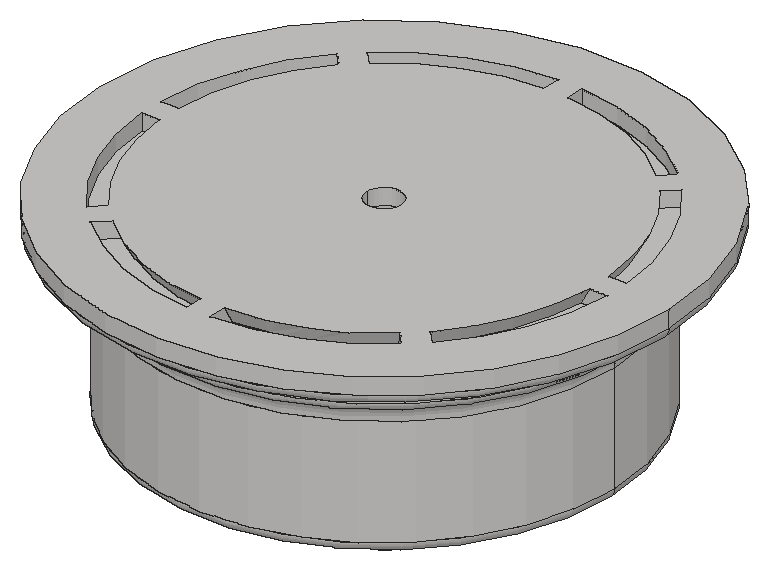
Revit family
Parameters (values of type "9630-RF-2"")
  Width = 12"
  Waste Connection Radius = 1"
  Waste Connection Diameter = Waste Connection Radius * 2  # 2"
  Waste Connection = yes
  Vent Connection = no
  URL = "www.jrsmith.com"
  Price = "Prices may vary. Please consult Manufacturer Representative for most up-to-date price list."  # constant formula
  Phone Number = "416-250-5656"  # constant formula
  Omniclass Table 23 Title = "Waste Water Drains"  # constant formula
  Omniclass Table 23 Code = "23.70.50.21.24"  # constant formula
  Model = "9630-RF-2\""
  Material = Metal-Jay R Smith-Stainless Steel
  Masterformat Title = "Sanitary Drains"  # constant formula
  Masterformat Number = "22 13 19.13"  # constant formula
  Manufacturer = "Jay R. Smith"
  Length = Width  # 12"
  Height = 6"
  HW Connection = no
  Description = "12\" Round top special purpose floor drain with heavy duty rim flow grate."
  Default Elevation = 0"
  Creation Date = "27/10/2014"  # constant formula
  Created By = "Allied Technical Services"  # constant formula
  CW Connection = no
  Assembly Code = "D2030300"
  ATS URL = "http://www.atsspec.net"
Types (10): name | Waste Connection Radius | Waste Connection Diameter | Model | Height
  (no name) | 1" | 2" | "9630-RF-2\"" | 6"
  9630-RF-2" | 1" | 2" | "9630-RF-2\"" | 6"
  9630-RF-3" | 1 1/2" | 3" | "9630-RF-3\"" | 6"
  9630-RF-4" | 2" | 4" | "9630-RF-4\"" | 6"
  9631-RF-2" | 1" | 2" | "9631-RF-2\"" | 8"
  9631-RF-3" | 1 1/2" | 3" | "9631-RF-3\"" | 8"
  9631-RF-4" | 2" | 4" | "9631-RF-4\"" | 8"
  9632-RF-2" | 1" | 2" | "9632-RF-2\"" | 10"
  9632-RF-3" | 1 1/2" | 3" | "9632-RF-3\"" | 10"
  9632-RF-4" | 2" | 4" | "9632-RF-4\"" | 10"
Reference planes (in)
  plane 1 "Center (Front/Back)": y = 0
  plane 2: z = 0
  plane 3 "Center (Left/Right)": x = 0
  plane 4: x = -6
  plane 5: x = 6
  plane 6: z = 6
  plane 7: z = 2
  plane 8: x = -1
  plane 9: x = 1
  plane 10: z = 5.4312
  plane 11: z = 5.66937
  plane 12: y = 0
  plane 13: x = 0
Forms (in)
  Revolve 1, solid, material "Metal-Jay R Smith-Stainless Steel" <- "Material"
    sketch origin (0, 0, 0) x (1, 0, 0) y (0, 0, 1)
      loop
        line (-6, 6) -> (-6, 5.64194)
        arc (-6, 5.64194) -> (-5.93828, 5.49293) -> (-5.78926, 5.4312) r 0.21074
        line (-5.78926, 5.4312) -> (-5.26404, 5.4312) -> (-5.26404, 5.07734)
        arc (-5.26404, 5.07734) -> (-5.22877, 4.96877) -> (-5.13643, 4.90164) r 0.18476
        arc (-5.13643, 4.90164) -> (-4.93022, 4.75175) -> (-4.85146, 4.50929) r 0.41258
        line (-4.85146, 4.50929) -> (-4.85146, 2.21875)
        arc (-4.85146, 2.21875) -> (-4.78739, 2.06407) -> (-4.63271, 2) r 0.21875
        line (-4.63271, 2) -> (-3.35146, 2) -> (-1.125, 1.76599) -> (-1.125, 0) -> (-1, 0) -> (-1, 5.66937) -> (-0.3652, 5.66937) -> (-0.3652, 6) -> (-4.5352, 6) -> (-4.34432, 5.66937) -> (-4.9102, 5.66937) -> (-4.9102, 6) -> (-6, 6)
      axis (0, 6) -> (0, 0)
    angle from 0 to 360
  Extrusion 2, solid, material "Metal-Jay R Smith-Stainless Steel" <- "Material"
    sketch origin (-61.64468, -72.92316, 0) x (1, 0, 0) y (0, 1, 0)
      loop
        line (61.39468, 77.87932) -> (61.39468, 77.18138) -> (61.89468, 77.18138) -> (61.89468, 77.87932)
        arc (61.89468, 77.87932) -> (61.64468, 77.88562) -> (61.39468, 77.87932) r 4.96246
      loop
        arc (61.39468, 67.967) -> (61.64468, 67.9607) -> (61.89468, 67.967) r 4.96246
        line (61.89468, 67.967) -> (61.89468, 68.66493) -> (61.39468, 68.66493) -> (61.39468, 67.967)
      loop
        line (64.97243, 76.60447) -> (64.47892, 76.11096) -> (64.83248, 75.7574) -> (65.32599, 76.25091)
        arc (65.32599, 76.25091) -> (65.15367, 76.43215) -> (64.97243, 76.60447) r 4.96246
      loop
        arc (57.96337, 69.59541) -> (58.13569, 69.41417) -> (58.31692, 69.24185) r 4.96246
        line (58.31692, 69.24185) -> (58.81044, 69.73536) -> (58.45688, 70.08892) -> (57.96337, 69.59541)
      loop
        arc (58.31692, 76.60447) -> (58.13569, 76.43215) -> (57.96337, 76.25091) r 4.96246
        line (57.96337, 76.25091) -> (58.45688, 75.7574) -> (58.81044, 76.11096) -> (58.31692, 76.60447)
      loop
        line (65.32599, 69.59541) -> (64.83248, 70.08892) -> (64.47892, 69.73536) -> (64.97243, 69.24185)
        arc (64.97243, 69.24185) -> (65.15367, 69.41417) -> (65.32599, 69.59541) r 4.96246
      loop
        line (66.60083, 73.17316) -> (65.9029, 73.17316) -> (65.9029, 72.67316) -> (66.60083, 72.67316)
        arc (66.60083, 72.67316) -> (66.60714, 72.92316) -> (66.60083, 73.17316) r 4.96246
      loop
        arc (56.68852, 73.17316) -> (56.68222, 72.92316) -> (56.68852, 72.67316) r 4.96246
        line (56.68852, 72.67316) -> (57.38645, 72.67316) -> (57.38645, 73.17316) -> (56.68852, 73.17316)
    from 5.4312 to 6
Cuts and joins
  joined: Revolve 1, Extrusion 2
Dimensions and locks (in)
  "Height": plane 6 to plane 2
  "Waste Connection Diameter": plane 9 to plane 8
  "Width": plane 5 to plane 4
  plane 7 to level = 2"
  equal spacing: plane 9, plane 3 "Center (Left/Right)", plane 8
  equal spacing: plane 5, plane 3 "Center (Left/Right)", plane 4
  locked: plane 8 to Revolve 1 sketch curve at 0.125
  locked: Revolve 1 sketch curve to plane 4 at 1.0898
  locked: Revolve 1 sketch curve to plane 4 at 1.65568
  plane 6 to plane 7 = 4"
  locked: plane 6 to plane 10 at 0.5688
  locked: plane 11 to plane 10 at 0.23817
  locked: Revolve 1 sketch curve to plane 6 (angle 60.00°)
  aligned and locked: plane 8 to Revolve 1 sketch curve
  aligned and locked: Revolve 1 sketch curve to plane 6  (x2)
  aligned and locked: Revolve 1 sketch curve to Revolve 1 sketch curve
  aligned and locked: Revolve 1 sketch curve to plane 11
  aligned and locked: plane 10 to Revolve 1 sketch curve
  aligned and locked: Revolve 1 to Extrusion 2
  aligned and locked: plane 6 to Extrusion 2
Automatic sketch dimensions
  Extrusion 2 sketch curve to Extrusion 2 sketch curve = 0"  (x56)
  plane 12 to Extrusion 2 sketch curve = 0"
  Extrusion 2 sketch curve to plane 13 = 0"
  Extrusion 2 sketch curve to plane 13 = 1/4"  (x2)
  Extrusion 2 sketch curve to Extrusion 2 sketch curve = 2.58424"  (x7)
  Extrusion 2 sketch curve to Extrusion 2 sketch curve = 0.35355"  (x8)
  Extrusion 2 sketch curve to Extrusion 2 sketch curve = 0.49351"  (x4)
  Extrusion 2 sketch curve to plane 12 = 3.32775"
  Extrusion 2 sketch curve to plane 12 = 1/4"  (x2)
  Extrusion 2 sketch curve to Extrusion 2 sketch curve = 1.07043"  (x4)
  Extrusion 2 sketch curve to Extrusion 2 sketch curve = 0.69793"  (x4)
  plane 12 to Extrusion 2 sketch curve = 1/4"  (x2)
  plane 13 to Extrusion 2 sketch curve = 1/4"  (x2)
  Revolve 1 sketch curve to plane 4 = 0"
  Revolve 1 sketch curve to plane 3 "Center (Left/Right)" = 0"
  Revolve 1 sketch curve to level = 0"
  plane 4 to Revolve 1 sketch curve = 0.21074"
  Revolve 1 sketch curve to Revolve 1 sketch curve = 0.35384"
  Revolve 1 sketch curve to Revolve 1 sketch curve = 0"  (x2)
  Revolve 1 sketch curve to Revolve 1 sketch curve = 0.12761"
  Revolve 1 sketch curve to Revolve 1 sketch curve = 0.05715"
  Revolve 1 sketch curve to Revolve 1 sketch curve = 7/32"
  Revolve 1 sketch curve to Revolve 1 sketch curve = 1 9/32"
  Revolve 1 sketch curve to plane 3 "Center (Left/Right)" = 0.3652"
  Revolve 1 sketch curve to level = 2 1/2"
  Revolve 1 sketch curve to Revolve 1 sketch curve = 0.64812"
  Revolve 1 sketch curve to Revolve 1 sketch curve = 0.23401"
  Revolve 1 sketch curve to plane 10 = 0.92191"
  Revolve 1 sketch curve to plane 7 = 0"
Connectors (in)
  piping at (0, 0, 0), driven by "Waste Connection Radius"
    settings: on Revolve 1, index 1
